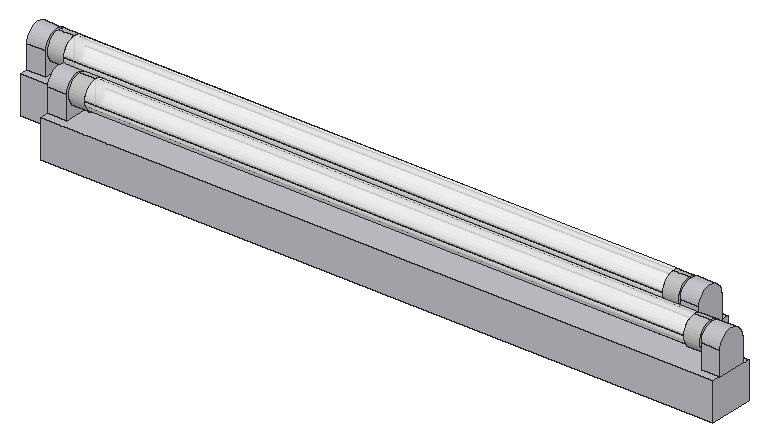
Revit family "SS3-2", category Lighting Fixtures, host Face, Revit 2012
Parameters (values of type "SS3-2")
  Wattage Comments = "17w-32w"
  Wattage = 32 W
  built-in parameter 1150110 = 1 (stored number, unit not read)
  URL = "http://www.columbialighting.com"
  built-in parameter 1114217 = 1 (stored number, unit not read)
  Tilt Angle = -90.00°
  built-in parameter 1150109 = 1 (stored number, unit not read)
  built-in parameter 1150134 = 3
  built-in parameter 1150113 = 1 (stored number, unit not read)
  Product Specification Sheet = "http://www.columbialighting.com/products/ss"
  Product Page URL = "http://www.columbialighting.com/content/products/specs/specs_files/ss.pdf"
  Photometric Web File = "generic"
  built-in parameter 1150142 = (empty or 0)
  Model = "SS3-2"  # constant formula
  Manufacturer Phone = "(864)-678-1000"  # constant formula
  Manufacturer Fax = "(864)-678-1065"  # constant formula
  Manufacturer = "Columbia Lighting"  # constant formula
  built-in parameter 1150105 = 378.26 (stored number, unit not read)
  Lumens = 4753.34 lm
  built-in parameter 1150115 = 1 (stored number, unit not read)
  built-in parameter 1150137 = (empty or 0)
  built-in parameter 1150139 = (empty or 0)
  built-in parameter 1150112 = 1 (stored number, unit not read)
  built-in parameter 1150114 = 1 (stored number, unit not read)
  Lamp = "2"
  built-in parameter 1150132 = (empty or 0)
  built-in parameter 1150102 = (empty or 0)
  built-in parameter 1150107 = 3200 (stored number, unit not read)
  built-in parameter 1150138 = (empty or 0)
  built-in parameter 1150106 = 3.7826 (stored number, unit not read)
  Glass = Glass
  Finish 2 = Fixture
  Finish = Steel
  Emit from Line Length = 24"
  built-in parameter 1150104 = 13.8 (stored number, unit not read)
  Dimming Lamp Color Temperature Shift = <None>
  Description = "Staggered Strip / 2 Lamp T8 "  # constant formula
  Default Elevation = 48"
  Color Filter = 16777215
  built-in parameter 1114218 = 1 (stored number, unit not read)
  built-in parameter 1150133 = 10 (stored number, unit not read)
  Apparent Load = 0 VA
Reference planes (in)
  plane 1 "Center (Front/Back)": y = 0
  plane 2: z = 0
  plane 3 "Center (Left/Right)": x = 0
  plane 4: y = 2.375
  plane 5: y = -2.375
  plane 6: x = -19.5
  plane 7: x = 19.5
  plane 8: x = 16.5
  plane 9: x = -16.5
  plane 10: z = -2
  plane 11: z = 2
  plane 12: x = 15.5
  plane 13: x = -18.5
  plane 14: x = -15.5
  plane 15: x = 18.5
Forms (in)
  Extrusion 1, solid, material "Steel" <- "Finish"
    sketch origin (0, 0, 0) x (1, 0, 0) y (0, 1, 0)
      loop
        line (-16.5, 0) -> (-16.5, -2.375) -> (19.5, -2.375) -> (19.5, 0) -> (16.5, 0) -> (16.5, 2.375) -> (-19.5, 2.375) -> (-19.5, 0) -> (-16.5, 0)
    from 0 to -2
  Extrusion 2, void
    sketch origin (0, 0, 0) x (1, 0, 0) y (0, 1, 0)
      loop
        line (-19.5, 2.375) -> (-19.5, 0) -> (-16.5, 0) -> (-16.5, -2.375) -> (19.5, -2.375) -> (19.5, 0) -> (16.5, 0) -> (16.5, 2.375) -> (-19.5, 2.375)
    from -2 to 0
  Extrusion 3, solid, material "Steel" <- "Finish"
    sketch origin (0, 0, 0) x (0, 1, 0) y (0, 0, 1)
      loop
        line (1.95345, 0) -> (1.95345, 1.25)
        arc (1.95345, 1.25) -> (1.20345, 2) -> (0.45345, 1.25) r 0.75
        line (0.45345, 1.25) -> (0.45345, 0) -> (1.95345, 0)
    from 15.5 to 16.5
  Extrusion 4, solid, material "Steel" <- "Finish"
    sketch origin (-0.52312, 0.01595, 0) x (0, 1, 0) y (0, 0, -1)
      loop
        line (1.9375, 0) -> (0.4375, 0) -> (0.4375, -1.25)
        arc (0.4375, -1.25) -> (1.1875, -2) -> (1.9375, -1.25) r 0.75
        line (1.9375, -1.25) -> (1.9375, 0)
    from 17.97688 to 18.97688
  Extrusion 5, solid, material "Glass" <- "Glass"
    sketch origin (0, 0.02283, 0) x (0, 1, 0) y (0, 0, 1)
      loop
        circle (1.1875, 1.25) r 0.75
      loop
        circle (1.1875, 1.25) r 0.63933
    from -17.54163 to 14.54163
  Revolve 6, solid, material "Fixture" <- "Finish 2"
    sketch origin (-0.52312, 1.20345, -0.00484) x (1, 0, 0) y (0, 0, 1)
      loop
        line (-17.87688, 2) -> (-17.87688, 1.5) -> (-17.97688, 1.5) -> (-17.97688, 1.25) -> (-17.0185, 1.25) -> (-17.0185, 2) -> (-17.87688, 2)
      loop
        line (15.92312, 2) -> (15.06475, 2) -> (15.06475, 1.25) -> (16.02312, 1.25) -> (16.02312, 1.5) -> (15.92312, 1.5) -> (15.92312, 2)
      axis (16.02312, 1.25) -> (-17.97688, 1.25)
    angle from 0 to 360
  Extrusion 7, solid, material "Steel" <- "Finish"
    sketch origin (3, -2.34386, 0) x (0, 1, 0) y (0, 0, 1)
      loop
        line (1.95345, 0) -> (1.95345, 1.25)
        arc (1.95345, 1.25) -> (1.20345, 2) -> (0.45345, 1.25) r 0.75
        line (0.45345, 1.25) -> (0.45345, 0) -> (1.95345, 0)
    from 15.5 to 16.5
  Extrusion 8, solid, material "Steel" <- "Finish"
    sketch origin (2.47688, -2.32791, 0) x (0, 1, 0) y (0, 0, -1)
      loop
        line (1.9375, 0) -> (0.4375, 0) -> (0.4375, -1.25)
        arc (0.4375, -1.25) -> (1.1875, -2) -> (1.9375, -1.25) r 0.75
        line (1.9375, -1.25) -> (1.9375, 0)
    from 17.97688 to 18.97688
  Extrusion 9, solid, material "Glass" <- "Glass"
    sketch origin (3, -2.32102, 0) x (0, 1, 0) y (0, 0, 1)
      loop
        circle (1.1875, 1.25) r 0.75
      loop
        circle (1.1875, 1.25) r 0.63933
    from -17.54163 to 14.54163
  Revolve 10, solid, material "Fixture" <- "Finish 2"
    sketch origin (2.47688, -1.14041, -0.00484) x (1, 0, 0) y (0, 0, 1)
      loop
        line (-17.87688, 2) -> (-17.87688, 1.5) -> (-17.97688, 1.5) -> (-17.97688, 1.25) -> (-17.0185, 1.25) -> (-17.0185, 2) -> (-17.87688, 2)
      loop
        line (15.92312, 2) -> (15.06475, 2) -> (15.06475, 1.25) -> (16.02312, 1.25) -> (16.02312, 1.5) -> (15.92312, 1.5) -> (15.92312, 2)
      axis (16.02312, 1.25) -> (-17.97688, 1.25)
    angle from 0 to 360
Dimensions and locks (in)
  locked: plane 4 to plane 5 at 4.75
  equal spacing: plane 5, plane 1 "Center (Front/Back)", plane 4, locked at 2.375 each
  locked: plane 6 to plane 3 "Center (Left/Right)" at 19.5
  locked: plane 7 to plane 3 "Center (Left/Right)" at 19.5
  plane 9 to plane 3 "Center (Left/Right)" to plane 8 = 16 1/2" locked, 16 1/2" locked
  locked: plane 10 to plane 2 at 2
  locked: plane 11 to plane 2 at 2
  locked: Extrusion 4 sketch curve to Extrusion 4 sketch curve at 1.5
  Revolve 6 sketch curve to Revolve 6 sketch curve to Revolve 6 sketch curve = 0.1" locked, 0.85837" locked
  Revolve 6 sketch curve to Revolve 6 sketch curve to Revolve 6 sketch curve = 0.85837" locked, 0.1" locked
  locked: Extrusion 8 sketch curve to Extrusion 8 sketch curve at 1.5
  Revolve 10 sketch curve to Revolve 10 sketch curve to Revolve 10 sketch curve = 0.1" locked, 0.85837" locked
  Revolve 10 sketch curve to Revolve 10 sketch curve to Revolve 10 sketch curve = 0.85837" locked, 0.1" locked
  radius of Extrusion 4 sketch curve = 3/4"
  radius of Extrusion 8 sketch curve = 3/4"
  aligned and locked: plane 2 to host face
  aligned and locked: level to host face
  aligned and locked: plane 6 to Extrusion 1 sketch curve
  aligned and locked: Extrusion 1 sketch curve to plane 1 "Center (Front/Back)"  (x2)
  aligned and locked: plane 9 to Extrusion 1 sketch curve
  aligned and locked: Extrusion 1 sketch curve to plane 5
  aligned and locked: Extrusion 1 sketch curve to plane 4
  aligned and locked: Extrusion 2 sketch curve to Extrusion 1  (x4)
  aligned and locked: Extrusion 1 to Extrusion 2 sketch curve  (x2)
  aligned and locked: level to Extrusion 2
  aligned and locked: Extrusion 2 to plane 10
  aligned and locked: Extrusion 1 to plane 10
  aligned and locked: level to Extrusion 1
  aligned and locked: Extrusion 3 sketch curve to Extrusion 1
  aligned and locked: Extrusion 4 to plane 6
  aligned and locked: Extrusion 4 to Revolve 6
  aligned and locked: Extrusion 3 to Revolve 6
  aligned and locked: Extrusion 5 to Revolve 6  (x2)
  aligned and locked: Extrusion 2 sketch curve to plane 8
  aligned and locked: Extrusion 2 sketch curve to plane 7
  aligned and locked: plane 7 to Extrusion 1 sketch curve
  aligned and locked: plane 8 to Extrusion 1 sketch curve
  aligned and locked: plane 13 to Extrusion 4
  aligned and locked: Extrusion 1 to Extrusion 4
  aligned and locked: Extrusion 3 to plane 12
  aligned and locked: Extrusion 3 to plane 8
  aligned and locked: Extrusion 3 to Extrusion 4
  aligned and locked: Extrusion 8 to Revolve 10
  aligned and locked: Extrusion 7 to Revolve 10
  aligned and locked: Extrusion 9 to Revolve 10  (x2)
  aligned and locked: Extrusion 7 to Extrusion 8
  aligned and locked: Extrusion 8 to plane 9
  aligned and locked: Extrusion 7 to plane 7
  aligned and locked: plane 14 to Extrusion 8
  aligned and locked: Extrusion 7 to plane 15
Automatic sketch dimensions
  host sketch curve to host sketch curve = 96"
  host sketch curve to host sketch curve = 123.14567"
  Extrusion 3 sketch curve to plane 1 "Center (Front/Back)" = 0.45345"
  Extrusion 3 sketch curve to Extrusion 3 sketch curve = 3/4"
  Extrusion 3 sketch curve to plane 11 = 3/4"
  Extrusion 4 sketch curve to level = 0"
  Extrusion 4 sketch curve to plane 1 "Center (Front/Back)" = 0.45345"
  Extrusion 4 sketch curve to plane 11 = 3/4"
  Extrusion 5 sketch curve to Extrusion 5 sketch curve = 0"  (x2)
  Extrusion 5 sketch curve to plane 4 = 1.16467"
  Extrusion 5 sketch curve to plane 11 = 3/4"
  Revolve 6 sketch curve to plane 13 = 0"
  Revolve 6 sketch curve to plane 12 = 0"
  Revolve 6 sketch curve to plane 6 = 1.25393"
  Revolve 6 sketch curve to Revolve 6 sketch curve = 0"  (x2)
  Revolve 6 sketch curve to plane 11 = 0.75484"  (x2)
  Revolve 6 sketch curve to Revolve 6 sketch curve = 1/4"  (x2)
  Revolve 6 sketch curve to plane 11 = 0.00484"  (x2)
  Extrusion 7 sketch curve to level = 0"
  Extrusion 7 sketch curve to plane 5 = 0.48459"
  Extrusion 7 sketch curve to Extrusion 7 sketch curve = 3/4"
  Extrusion 7 sketch curve to plane 11 = 3/4"
  Extrusion 8 sketch curve to level = 0"
  Extrusion 8 sketch curve to plane 5 = 0.48459"
  Extrusion 8 sketch curve to plane 11 = 3/4"
  Extrusion 9 sketch curve to Extrusion 9 sketch curve = 0"  (x2)
  plane 1 "Center (Front/Back)" to Extrusion 9 sketch curve = 1.13352"
  Extrusion 9 sketch curve to plane 11 = 3/4"
  plane 13 to Revolve 10 sketch curve = 0.74607"
  plane 9 to Revolve 10 sketch curve = 1"
  Revolve 10 sketch curve to Revolve 10 sketch curve = 0"  (x2)
  Revolve 10 sketch curve to plane 8 = 1.04163"
  Revolve 10 sketch curve to plane 11 = 0.75484"  (x2)
  Revolve 10 sketch curve to Revolve 10 sketch curve = 1/4"  (x2)
  Revolve 10 sketch curve to plane 11 = 0.00484"  (x2)
  radius of Extrusion 5 sketch curve = 3/4"
  radius of Extrusion 5 sketch curve = 0.63933"
  radius of Extrusion 9 sketch curve = 3/4"
  radius of Extrusion 9 sketch curve = 0.63933"
Connectors (in)
  electrical at (0, 0, -2)
    settings: on Extrusion 1, index 1, voltage 0 V, apparent load 0 VA, apparent load phase1 0 VA, apparent load phase2 0 VA, apparent load phase3 0 VA, power factor 1, load classification "Other", number of poles 1, system type 31, power factor state 1, is connector primary yes, connector utility no, sub classification motor no, connector description ""
